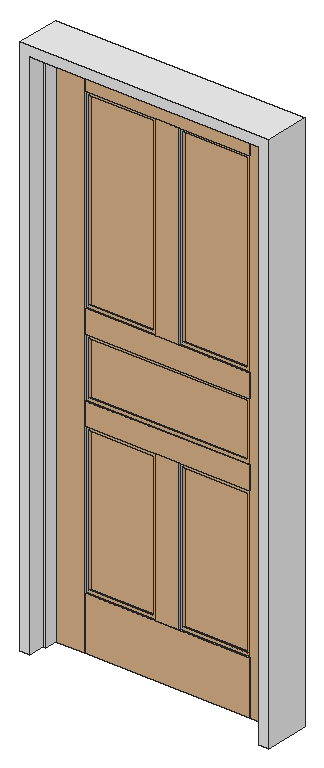
Revit family
Parameters (values of type "1 3/4" Flat Panel")
  URL = "http://www.karonadoor.com"
  Thickness Note = "Do not edit thickness."  # constant formula
  Thickness = 1.774"
  Swing Angle 2D = 90.00°
  SmartBIM Object Version = 1  # constant formula
  SmartBIM Object Created By = "Reed Construction Data"  # constant formula
  Rough Width = 0.000"
  Rough Height = 1.750"
  Panel = Panel_K5500_Karona : 1 3/4" - Flat Panel
  Model = "K5500 Mission"  # constant formula
  Manufacturer = "Karona , Inc."  # constant formula
  Detail Door Thickness = 1.750"
  Assembly Code = ""
  Top Rail Height = 5.000"
  Top Rail = Wood, Cherry - Grain Horizontal
  Stile Width = 5.063"
  Stile = Wood, Cherry - Grain Vertical
  Sticking = Wood, Cherry - Grain Vertical
  Middle Rail = Wood, Cherry - Grain Horizontal
  Height = 84.000"
  Wall Closure = (empty or 0)
  Width = 36.000"
  Frame = Metal
  Bottom Rail Height = 8.500"
  Bottom Rail = Wood, Cherry - Grain Horizontal
  95 CSI = "08210"  # constant formula
  04 CSI = "08 14 33"  # constant formula
Types (9): name | Thickness | Rough Height | Panel | Detail Door Thickness
  1 3/4" Flat Panel | 1.774" | 1.750" | Panel_K5500_Karona : 1 3/4" - Flat Panel | 1.750"
  1 3/8" Flat Panel | 1.334" | 0.000" | Panel_K5500_Karona : 1 3/8" - Flat Panel | 1.375"
  2 1/4" Flat Panel | 2.250" | 0.000" | Panel_K5500_Karona : 2 1/4" - Flat Panel | 2.250"
  1 3/4" Glass Panel | 1.774" | 1.750" | Panel_K5500_Karona : 1 3/4" - Glass Panel | 1.750"
  1 3/8" Glass Panel | 1.334" | 0.000" | Panel_K5500_Karona : 1 3/8" - Glass Panel | 1.375"
  2 1/4" Glass Panel | 2.250" | 0.000" | Panel_K5500_Karona : 2 1/4" - Glass | 2.250"
  1 3/4" Raised Panel | 1.774" | 1.750" | Panel_K5500_Karona : 1 3/4" - Raised Panel | 1.750"
  1 3/8" Raised Panel | 1.334" | 0.000" | Panel_K5500_Karona : 1 3/8" - Raised Panel | 1.375"
  2 1/4" Raised Panel | 2.250" | 0.000" | Panel_K5500_Karona : 2 1/4" - Raised Panel | 2.250"
Reference planes (in)
  plane 1 "Center (Front/Back)": y = 0
  plane 2 "Center (Left/Right)": x = 0
  plane 3 "Left": x = -18
  plane 4 "Right": x = 18
  plane 5 "Top": z = 84
  plane 6 "Exterior Edge of Frame": y = 3.5
  plane 7 "Interior Edge of Frame": y = -3.5
  plane 8: y = 1
  plane 9: y = -1
  plane 10 "Opening Left": x = -19.5
  plane 11 "Opening Right": x = 19.5
  plane 12 "Top of Opening": z = 85.5
  plane 13: x = -17.5
Forms (in)
  Sweep 1, solid, material "Metal" <- "Frame"
    path origin (0, 0, 0) x (1, 0, 0) y (0, 0, 1)
      loop
        line (-19.5, 0) -> (-19.5, 85.5) -> (19.5, 85.5) -> (19.5, 0)
    profile origin (-19.5, 0, 42.75) x (-1, 0, 0) y (0, -1, 0)
      loop
        line (0, -3.5) -> (0, 3.5) -> (-1.5, 3.5) -> (-1.5, 1) -> (-2, 1) -> (-2, -1) -> (-1.5, -1) -> (-1.5, -3.5) -> (0, -3.5)
Lines and regions (in)
  Opening 1
    outline origin (-90, -3, 0) x (1, 0, 0) y (0, 0, 1)
      loop
        line (70.5, 0) -> (109.5, 0) -> (109.5, 85.5) -> (70.5, 85.5) -> (70.5, 0)
  symbolic lines, style "Elevation Swing"
    curve 1: line (18, 3, 0) -> (-18, 3, 42)
    curve 2: line (-18, 3, 42) -> (18, 3, 84)
Text (in)
  text "Exterior" at (-46.13199, 20.20143, 0), in view "Ref. Level"
  text "Interior" at (-46.13199, -10.56751, 0), in view "Ref. Level"
  text "Exterior" at (0, 40.15149, 123.01588), in view "Right"
  text "Interior" at (0, -64.39139, 123.01588), in view "Right"
  text "Interior" at (0, -31.01599, 123.00693), in view "Left"
  text "Exterior" at (0, 54.57065, 123.00693), in view "Left"
Dimensions and locks (in)
  "Height": level to plane 5 "Top"
  "Width": plane 3 "Left" to plane 4 "Right"
  equal spacing: host wall, curve 2, plane 5 "Top"
  locked: host wall to plane 7 "Interior Edge of Frame" at 0.5
  locked: plane 6 "Exterior Edge of Frame" to host wall at 0.5
  locked: plane 9 to plane 7 "Interior Edge of Frame" at 2.5
  locked: plane 6 "Exterior Edge of Frame" to plane 8 at 2.5
  equal spacing: plane 3 "Left", plane 2 "Center (Left/Right)", plane 4 "Right"
  locked: plane 4 "Right" to plane 11 "Opening Right" at 1.5
  locked: plane 5 "Top" to plane 12 "Top of Opening" at 1.5
  locked: plane 3 "Left" to plane 13 at 0.5
  locked: plane 10 "Opening Left" to plane 3 "Left" at 1.5
  aligned and locked: Opening 1 sketch curve to level
  aligned and locked: plane 4 "Right" to curve 1
  aligned and locked: plane 3 "Left" to curve 1
  aligned and locked: plane 5 "Top" to curve 2
  aligned and locked: Opening 1 sketch curve to plane 11 "Opening Right"
  aligned and locked: plane 12 "Top of Opening" to Opening 1 sketch curve
  aligned and locked: Opening 1 sketch curve to plane 10 "Opening Left"
  aligned and locked: plane 10 "Opening Left" to Sweep 1 sketch curve
  aligned and locked: plane 12 "Top of Opening" to Sweep 1 sketch curve
  aligned and locked: plane 11 "Opening Right" to Sweep 1 sketch curve
  aligned and locked: level to Sweep 1 sketch curve  (x2)
  aligned and locked: Sweep 1 sketch curve to plane 10 "Opening Left"
  aligned and locked: Sweep 1 sketch curve to plane 6 "Exterior Edge of Frame"
  aligned and locked: Sweep 1 sketch curve to plane 7 "Interior Edge of Frame"
  aligned and locked: Sweep 1 sketch curve to plane 8
  aligned and locked: Sweep 1 sketch curve to plane 9
  aligned and locked: plane 13 to Sweep 1 sketch curve
  aligned and locked: plane 3 "Left" to Sweep 1 sketch curve  (x2)
  aligned and locked: nested 1 to plane 2 "Center (Left/Right)"
  aligned and locked: nested 1 to plane 8
  aligned and locked: nested 2 to plane 3 "Left"
  aligned and locked: nested 2 to plane 8
Automatic sketch dimensions
  curve 1 to level = 0.000"
  curve 2 to plane 4 "Right" = 0.000"
Nested families (in)
  nested 1: "Panel_K5500_Karona" at (-13.5, 0.6575, 0) x (-1, 0, 0) z (0, 0, 1), type <- "Panel", type "1 3/4" - Flat Panel"
    with Panel Height 30.500", Height 84.000"
  nested 2: "Door Panel Plan View" at (-31.5, 1, 0) x (-1, 0, 0) z (0, 0, 1), type "Door Panel Plan View"
    with Thickness 1.750", Height 84.000"
Definition of nested family "Panel_K5500_Karona"
  Parameters (values of type "1 3/4" - Raised Panel")
    Lock Rail Height = 35.500"
    Width = 36.000"
    Top Rail Material = Wood, Cherry - Grain Horizontal
    Top Rail Height = 5.000"
    Top Panel Offset = 16.542"
    Thickness Note = "Do not change door thickness"  # constant formula
    Thickness = 1.774"
    Stile Width = 5.063"
    Stile Material = Wood, Cherry - Grain Vertical
    Sticking Material = Wood, Cherry - Grain Vertical
    Panel Width = (Width - ((2 * Stile Width) + Mullion Width)) / 2  # 11.1245"
    Panel Height = Height - (Top Rail Height + Mullion Width + Middle Panel Height + Mullion Width + Bottom Panel Height + Bottom Rail Height)  # 30.500"
    Panel = Glass-Sticking-Assembly-Mission_Karona : Raised Panel
    Mullion Width = 3.625"  # constant formula
    Middle Panel Width = Width - (2 * Stile Width)  # 25.874"
    Middle Panel Height = 9.375"  # constant formula
    Interior Panel = Wood, Cherry - Grain Vertical
    Height = 84.000"
    Exterior Edge - Glass Bottom Offset = if(Thickness = 1.774", 0.567", if(Thickness = 2.250", 0.803", 0.469"))  # 0.567"
    Door Panel Material = Wood, Cherry - Grain Vertical
    Default Elevation = 0.000"  # constant formula
    Bottom Rail Material = Wood, Cherry - Grain Horizontal
    Bottom Rail Height = 15.000"
    Bottom Panel Height = Lock Rail Height - (Mullion Width + Bottom Rail Height)  # 16.875"
    Assembly Code = ""
  Types (9): name | Top Panel Offset | Thickness | Panel Height | Panel | Interior Panel | Height | Exterior Edge - Glass Bottom Offset | Bottom Rail Height | Bottom Panel Height
    2 1/4" - Flat Panel | 14.875" | 2.250" | 26.500" | Glass-Sticking-Assembly-Mission_Karona : Flat Panel | Wood, Cherry - Grain Vertical | 80.000" | 0.803" | 8.500" | 23.375"
    2 1/4" - Glass | 14.875" | 2.250" | 26.500" | Glass-Sticking-Assembly-Mission_Karona : Glass Panel | Glass | 80.000" | 0.803" | 8.500" | 23.375"
    2 1/4" - Raised Panel | 14.875" | 2.250" | 26.500" | Glass-Sticking-Assembly-Mission_Karona : Raised Panel | Wood, Cherry - Grain Vertical | 80.000" | 0.803" | 8.500" | 23.375"
    1 3/4" - Raised Panel | 16.542" | 1.774" | 30.500" | Glass-Sticking-Assembly-Mission_Karona : Raised Panel | Wood, Cherry - Grain Vertical | 84.000" | 0.567" | 15.000" | 16.875"
    1 3/4" - Flat Panel | 14.875" | 1.774" | 26.500" | Glass-Sticking-Assembly-Mission_Karona : Flat Panel | Wood, Cherry - Grain Vertical | 80.000" | 0.567" | 8.500" | 23.375"
    1 3/4" - Glass Panel | 14.875" | 1.774" | 26.500" | Glass-Sticking-Assembly-Mission_Karona : Glass Panel | Glass | 80.000" | 0.567" | 8.500" | 23.375"
    1 3/8" - Raised Panel | 14.875" | 1.334" | 26.500" | Glass-Sticking-Assembly-Mission_Karona : Raised Panel | Wood, Cherry - Grain Vertical | 80.000" | 0.469" | 8.500" | 23.375"
    1 3/8" - Glass Panel | 14.875" | 1.334" | 26.500" | Glass-Sticking-Assembly-Mission_Karona : Glass Panel | Glass | 80.000" | 0.469" | 8.500" | 23.375"
    1 3/8" - Flat Panel | 14.875" | 1.334" | 26.500" | Glass-Sticking-Assembly-Mission_Karona : Flat Panel | Wood, Cherry - Grain Horizontal | 80.000" | 0.469" | 8.500" | 23.375"
  Reference planes (in)
    plane 1 "Center (Front/Back)": y = 1.2295
    plane 2: z = 0
    plane 3 "Center (Left/Right)": x = -13.5
    plane 4 "Left": x = -31.5
    plane 5: x = 4.5
    plane 6 "Inner Left": x = -26.437
    plane 7 "Inner Right": x = -0.563
    plane 8 "Bottom Of Top Rail": z = 79
    plane 9 "Top": z = 84
    plane 10 "Interior Edge of Door": y = 2.1165
    plane 11: z = 79
    plane 12 "Exterior Edge of Door": y = 0.3425
    plane 13 "Bottom of Glass": y = 0.9095
    plane 14 "Left Panel Vertical Midline": x = -13.5
    plane 15: z = 48.5
    plane 16: z = 44.875
    plane 17: z = 35.5
    plane 18: z = 31.875
    plane 19: z = 15
    plane 20: z = 63.75
    plane 21: z = 23.4375
    plane 22: z = 40.1875
    plane 23: x = -20.87475
    plane 24: x = -6.12525
    plane 25: x = -15.3125
    plane 26: x = -11.6875
  Forms (in)
    Extrusion 1, solid, material "Wood, Cherry - Grain Horizontal" <- "Bottom Rail Material"
      sketch origin (0, -101.3125, 0) x (1, 0, 0) y (0, 0, 1)
        loop
          line (-26.437, 0) -> (-0.563, 0) -> (-0.563, 15) -> (-26.437, 15) -> (-26.437, 0)
      from -103.429 to -101.655
    Extrusion 2, solid, material "Wood, Cherry - Grain Vertical" <- "Stile Material"
      sketch origin (0, 1.2295, 0) x (1, 0, 0) y (0, 0, 1)
        loop
          line (-31.5, 84) -> (-31.5, 0) -> (-26.437, 0) -> (-26.437, 84) -> (-31.5, 84)
        loop
          line (-0.563, 0) -> (4.5, 0) -> (4.5, 84) -> (-0.563, 84) -> (-0.563, 0)
      from -0.887 to 0.887
    Extrusion 3, solid, material "Wood, Cherry - Grain Horizontal" <- "Top Rail Material"
      sketch origin (0, 1.2295, 0) x (1, 0, 0) y (0, 0, 1)
        loop
          line (-26.437, 84) -> (-26.437, 79) -> (-0.563, 79) -> (-0.563, 84) -> (-26.437, 84)
      from -0.887 to 0.887
    Extrusion 4, solid, material "Wood, Cherry - Grain Horizontal" <- "Top Rail Material"
      sketch origin (0, 1.2295, 0) x (1, 0, 0) y (0, 0, 1)
        loop
          line (-26.437, 31.875) -> (-0.563, 31.875) -> (-0.563, 35.5) -> (-26.437, 35.5) -> (-26.437, 31.875)
        loop
          line (-26.437, 48.5) -> (-26.437, 44.875) -> (-0.563, 44.875) -> (-0.563, 48.5) -> (-26.437, 48.5)
      from -0.887 to 0.887
    Extrusion 5, solid, material "Wood, Cherry - Grain Vertical" <- "Door Panel Material"
      sketch origin (0, 1.2295, 0) x (1, 0, 0) y (0, 0, 1)
        loop
          line (-15.3125, 79) -> (-15.3125, 48.5) -> (-11.6875, 48.5) -> (-11.6875, 79) -> (-15.3125, 79)
        loop
          line (-15.3125, 31.875) -> (-15.3125, 15) -> (-11.6875, 15) -> (-11.6875, 31.875) -> (-15.3125, 31.875)
      from -0.887 to 0.887
  Text (in)
    text "EXTERIOR" at (-34.59289, -1.27941, 0), in view "Ref. Level"
    text "EXTERIOR" at (0, -9.65287, 72.76687), in view "Left"
    text "EXTERIOR" at (0, -33.33473, 96.68074), in view "Right"
  Dimensions and locks (in)
    equal spacing: plane 4 "Left", plane 3 "Center (Left/Right)", plane 5
    "Width": plane 4 "Left" to plane 5
    "Stile Width": plane 4 "Left" to plane 6 "Inner Left"
    "Stile Width": plane 5 to plane 7 "Inner Right"
    "Top Rail Height": plane 9 "Top" to plane 8 "Bottom Of Top Rail"
    "Height": plane 9 "Top" to plane 2
    equal spacing: plane 10 "Interior Edge of Door", plane 1 "Center (Front/Back)", plane 12 "Exterior Edge of Door"
    "Thickness": plane 10 "Interior Edge of Door" to plane 12 "Exterior Edge of Door"
    "Exterior Edge - Glass Bottom Offset": plane 13 "Bottom of Glass" to plane 12 "Exterior Edge of Door"
    "Exterior Edge - Glass Bottom Offset": plane 12 "Exterior Edge of Door" to plane 13 "Bottom of Glass"
    "Mullion Width": plane 15 to plane 16
    "Bottom Rail Height": plane 19 to level
    "Panel Height": plane 11 to plane 15
    equal spacing: plane 11, plane 20, plane 15
    equal spacing: plane 18, plane 21, plane 19
    "Mullion Width": plane 17 to plane 18
    equal spacing: plane 16, plane 22, plane 17
    "Mullion Width": plane 26 to plane 25
    equal spacing: plane 25, plane 23, plane 6 "Inner Left"
    equal spacing: plane 26, plane 24, plane 7 "Inner Right"
    equal spacing: plane 25, plane 3 "Center (Left/Right)", plane 26
    "Lock Rail Height": plane 17 to level
    aligned and locked: Extrusion 1 to plane 2
    aligned and locked: plane 10 "Interior Edge of Door" to Extrusion 1
    aligned and locked: plane 4 "Left" to Extrusion 2 sketch curve
    aligned and locked: Extrusion 2 sketch curve to plane 9 "Top"
    aligned and locked: Extrusion 2 sketch curve to Extrusion 1  (x3)
    aligned and locked: Extrusion 1 to Extrusion 2 sketch curve
    aligned and locked: plane 9 "Top" to Extrusion 2 sketch curve
    aligned and locked: plane 5 to Extrusion 2 sketch curve
    aligned and locked: plane 10 "Interior Edge of Door" to Extrusion 2
    aligned and locked: Extrusion 2 to Extrusion 3 sketch curve
    aligned and locked: Extrusion 3 sketch curve to Extrusion 2
    aligned and locked: plane 10 "Interior Edge of Door" to Extrusion 3
    aligned and locked: plane 11 to plane 8 "Bottom Of Top Rail"
    aligned and locked: level to plane 2
    aligned and locked: Extrusion 3 to plane 12 "Exterior Edge of Door"
    aligned and locked: Extrusion 3 to plane 10 "Interior Edge of Door"
    aligned and locked: Extrusion 2 to plane 12 "Exterior Edge of Door"
    aligned and locked: Extrusion 3 to plane 11
    aligned and locked: Extrusion 1 to Extrusion 2
    aligned and locked: nested 1 to plane 1 "Center (Front/Back)"
    aligned and locked: nested 1 to plane 19
    aligned and locked: plane 20 to nested 2
    aligned and locked: plane 16 to nested 3
    aligned and locked: Extrusion 4 sketch curve to plane 18
    aligned and locked: Extrusion 4 sketch curve to plane 6 "Inner Left"  (x2)
    aligned and locked: Extrusion 4 sketch curve to plane 7 "Inner Right"  (x2)
    aligned and locked: Extrusion 4 sketch curve to plane 17
    aligned and locked: Extrusion 4 sketch curve to plane 15
    aligned and locked: Extrusion 4 sketch curve to plane 16
    aligned and locked: plane 10 "Interior Edge of Door" to Extrusion 4
    aligned and locked: Extrusion 4 to plane 12 "Exterior Edge of Door"
    aligned and locked: plane 23 to nested 2
    aligned and locked: plane 23 to nested 1
    aligned and locked: nested 5 to plane 20
    aligned and locked: nested 4 to plane 21
    aligned and locked: plane 24 to nested 5
    aligned and locked: plane 24 to nested 4
    aligned and locked: plane 1 "Center (Front/Back)" to nested 4
    aligned and locked: plane 1 "Center (Front/Back)" to nested 5
    aligned and locked: Extrusion 5 sketch curve to plane 25  (x2)
    aligned and locked: plane 26 to Extrusion 5 sketch curve  (x2)
    aligned and locked: Extrusion 5 sketch curve to plane 15
    aligned and locked: Extrusion 5 sketch curve to plane 11
    aligned and locked: Extrusion 5 sketch curve to plane 18
    aligned and locked: Extrusion 5 sketch curve to plane 19
    aligned and locked: plane 10 "Interior Edge of Door" to Extrusion 5
    aligned and locked: Extrusion 5 to plane 12 "Exterior Edge of Door"
    aligned and locked: plane 19 to Extrusion 1
  Automatic sketch dimensions
    Extrusion 1 sketch curve to plane 6 "Inner Left" = 0.000"
    Extrusion 1 sketch curve to plane 7 "Inner Right" = 0.000"
    Extrusion 1 sketch curve to level = 0.000"
    Extrusion 3 sketch curve to plane 7 "Inner Right" = 0.000"
    plane 8 "Bottom Of Top Rail" to Extrusion 3 sketch curve = 0.000"
    level to Extrusion 1 sketch curve = 15.000"
  Nested families (in)
    nested 1: "Glass-Sticking-Assembly-Mission_Karona" at (-21.3435, 1.38, 15), Width <- "Panel Width", Height <- "Bottom Panel Height", type <- "Panel", type "Raised Panel"
      with Width 11.1245", Height 16.875", Door Thickness 1.774", C 0.200", B 0.567", A 0.197"
    nested 2: "Glass-Sticking-Assembly-Mission_Karona" at (-21.3435, 1.382, 48.5), Width <- "Panel Width", Height <- "Panel Height", type <- "Panel", type "Raised Panel"
      with Width 11.1245", Height 30.500", Door Thickness 1.774", C 0.200", B 0.567", A 0.197"
    nested 3: "Glass-Sticking-Assembly-Mission_Karona" at (-13.96875, 1.38, 35.5), Width <- "Middle Panel Width", Height <- "Middle Panel Height", type <- "Panel", type "Raised Panel"
      with Width 25.874", Height 9.375", Door Thickness 1.774", C 0.200", B 0.567", A 0.197"
    nested 4: "Glass-Sticking-Assembly-Mission_Karona" at (-5.6565, 1.38, 15) x (-1, 0, 0) z (0, 0, 1), Width <- "Panel Width", Height <- "Bottom Panel Height", type <- "Panel", type "Raised Panel"
      with Width 11.1245", Height 16.875", Door Thickness 1.774", C 0.200", B 0.567", A 0.197"
    nested 5: "Glass-Sticking-Assembly-Mission_Karona" at (-5.6565, 1.38, 48.5) x (-1, 0, 0) z (0, 0, 1), Width <- "Panel Width", Height <- "Panel Height", type <- "Panel", type "Raised Panel"
      with Width 11.1245", Height 30.500", Door Thickness 1.774", C 0.200", B 0.567", A 0.197"
  Definition of nested family "Glass-Sticking-Assembly-Mission_Karona"
    Parameters (values of type "Glass Panel")
      Width [instance] = 19.000"
      Stop Adjustment = if(and(not(Glass Panel), Door Thickness = 1.774"), 0.513", if(and(not(Glass Panel), Door Thickness = 2.250"), 0.513", if((Glass Panel), 0.125", 0.273")))  # 0.125"
      Profile = Wood, Cherry - Grain Vertical
      Height [instance] = 23.000"
      Raised Panel = no
      Interior Panel = Wood, Cherry - Grain Vertical
      Glass Panel = yes
      Door Thickness = 2.250"
      C = if(Door Thickness = 1.774", 0.200", if(Door Thickness = 2.250", 0.439", 0.191"))  # 0.439"
      B = if(Door Thickness = 1.774", 0.567", if(Door Thickness = 2.250", 0.803", 0.469"))  # 0.803"
      Assembly Code = ""
      A = if(Door Thickness = 1.774", 0.197", if(Door Thickness = 2.250", 0.433", 0.194"))  # 0.433"
    Types (3): name | Width | Stop Adjustment | Height | Raised Panel | Glass Panel | Door Thickness | C | B | A
      Glass Panel | 19.000" | 0.125" | 23.000" | no | yes | 2.250" | 0.439" | 0.803" | 0.433"
      Flat Panel | 4.500" | 0.273" | 23.000" | no | no | 1.334" | 0.191" | 0.469" | 0.194"
      Raised Panel | 4.000" | 0.513" | 4.000" | yes | no | 2.250" | 0.439" | 0.803" | 0.433"
    Reference planes (in)
      plane 1 "Stop Adjustment Edge": y = -0.3455
      plane 2: z = 0
      plane 3 "Center (Left/Right)": x = 0.46875
      plane 4 "Back": y = 0.9765
      plane 5 "Front": y = -1.2735
      plane 6 "Left": x = -9.03125
      plane 7 "Right": x = 9.96875
      plane 8 "Top": z = 23
      plane 9 "Center (Up/Down)": z = 11.5
      plane 10 "Bottom of Stop": y = -0.2205
      plane 11 "Bottom of Glass": y = -0.4705
      plane 12 "Right Edge of Glass": x = 9.91875
      plane 13 "Left Edge of Glass": x = -8.98125
      plane 14 "Top Edge of Glass": z = 22.90625
      plane 15 "Bottom Edge of Glass": z = 0.09375
      plane 16: x = 9.84375
      plane 17: x = 9.40625
      plane 18 "A": y = -0.8405
      plane 19 "C": y = 0.5375
      plane 20: z = 0.438
      plane 21: z = 22.562
      plane 22: x = -8.59325
      plane 23: x = 9.53075
      plane 24 "Center (Front/Back)": y = -0.1485
    Forms (in)
      Sweep 1, solid, material "Wood, Cherry - Grain Vertical" <- "Profile"
        path origin (0, -0.3455, 0) x (1, 0, 0) y (0, 0, 1)
          loop
            line (9.96875, 23) -> (-9.03125, 23) -> (-9.03125, 0) -> (9.96875, 0) -> (9.96875, 23)
        profile origin (9.96875, -0.3455, 11.5) x (0, -1, 0) y (1, 0, 0)
          loop
            line (-0.883, 0) -> (-0.883, -0.438) -> (-0.125, -0.438) -> (-0.125, -0.05) -> (0.125, -0.05) -> (0.125, -0.438) -> (0.495, -0.438) -> (0.495, 0) -> (-0.883, 0)
      Extrusion 2, solid, material "Wood, Cherry - Grain Vertical" <- "Interior Panel"
        sketch origin (0, 0, 0) x (1, 0, 0) y (0, 1, 0)
          loop
            line (-8.98125, -0.2205) -> (-8.98125, -0.4705) -> (9.91875, -0.4705) -> (9.91875, -0.2205) -> (-8.98125, -0.2205)
        from 0.09375 to 22.90625
      Extrusion 3, solid, material "Wood, Cherry - Grain Vertical" <- "Profile", visible <- "Raised Panel"
        sketch origin (0, 0, 0) x (1, 0, 0) y (0, 1, 0)
          loop
            line (9.53075, 0.5375) -> (-8.59325, 0.5375) -> (-8.59325, -0.2205) -> (9.53075, -0.2205) -> (9.53075, 0.5375)
          loop
            line (-8.59325, -0.4705) -> (-8.59325, -0.8405) -> (9.53075, -0.8405) -> (9.53075, -0.4705) -> (-8.59325, -0.4705)
        from 0.438 to 22.562
      Sweep 4, void
        path origin (0, -0.2205, 0) x (-1, 0, 0) y (0, 0, 1)
          loop
            line (9.03125, 0) -> (9.03125, 23) -> (-9.96875, 23) -> (-9.96875, 0) -> (9.03125, 0)
        profile "Profile : 05" origin (-9.03125, -0.2205, 11.5) x (1, 0, 0) y (0, 1, 0)
          loop
            line (0, 0.05) -> (0.36169, 0.05096)
            arc (0.36169, 0.05096) -> (1.01257, 0.13642) -> (1.61934, 0.387) r 2.52143
            line (1.61934, 0.387) -> (0, 0.387) -> (0, 0.05)
      Sweep 5, void
        path origin (0, -0.4705, 0) x (-1, 0, 0) y (0, 0, 1)
          loop
            line (-9.96875, 23) -> (-9.96875, 0) -> (9.03125, 0) -> (9.03125, 23) -> (-9.96875, 23)
        profile "Profile : 05" origin (9.96875, -0.4705, 11.5) x (-1, 0, 0) y (0, 1, 0)
          loop
            line (0, -0.05) -> (0, -0.387) -> (1.61934, -0.387)
            arc (1.61934, -0.387) -> (1.01257, -0.13642) -> (0.36169, -0.05096) r 2.52143
            line (0.36169, -0.05096) -> (0, -0.05)
    Cuts and joins
      Sweep 4, Sweep 5 cuts Extrusion 3
    Text (in)
      text "INTERIOR" at (-14.3788, 3.49864, 0), in view "Ref. Level"
    Dimensions and locks (in)
      equal spacing: plane 6 "Left", plane 3 "Center (Left/Right)", plane 7 "Right"
      "Width": plane 6 "Left" to plane 7 "Right"
      "Door Thickness": plane 4 "Back" to plane 5 "Front"
      "Height": plane 8 "Top" to plane 2
      equal spacing: plane 8 "Top", plane 9 "Center (Up/Down)", level
      locked: plane 1 "Stop Adjustment Edge" to plane 11 "Bottom of Glass" at 0.125
      "Stop Adjustment": plane 10 "Bottom of Stop" to plane 1 "Stop Adjustment Edge"
      locked: plane 12 "Right Edge of Glass" to plane 7 "Right" at 0.05
      locked: plane 8 "Top" to plane 14 "Top Edge of Glass" at 0.09375
      locked: plane 15 "Bottom Edge of Glass" to level at 0.09375
      locked: plane 6 "Left" to plane 13 "Left Edge of Glass" at 0.05
      "B": plane 5 "Front" to plane 11 "Bottom of Glass"
      locked: plane 16 to plane 7 "Right" at 0.125
      "A": plane 5 "Front" to plane 18 "A"
      "C": plane 19 "C" to plane 4 "Back"
      plane 4 "Back" to Sweep 1 = 1.197"
      locked: plane 20 to level at 0.438
      locked: plane 8 "Top" to plane 21 at 0.438
      locked: plane 6 "Left" to plane 22 at 0.438
      locked: plane 23 to plane 7 "Right" at 0.438
      equal spacing: plane 4 "Back", plane 24 "Center (Front/Back)", plane 5 "Front"
      aligned and locked: Sweep 1 sketch curve to plane 7 "Right"
      aligned and locked: Sweep 1 sketch curve to plane 8 "Top"
      aligned and locked: Sweep 1 sketch curve to plane 6 "Left"
      aligned and locked: Sweep 1 sketch curve to level
      aligned and locked: plane 7 "Right" to Sweep 1 sketch curve
      aligned and locked: plane 10 "Bottom of Stop" to Sweep 1 sketch curve
      aligned and locked: plane 11 "Bottom of Glass" to Sweep 1 sketch curve
      aligned and locked: plane 18 "A" to Sweep 1 sketch curve
      aligned and locked: Sweep 1 sketch curve to plane 19 "C"
      aligned and locked: Extrusion 2 sketch curve to plane 13 "Left Edge of Glass"
      aligned and locked: Extrusion 2 sketch curve to plane 10 "Bottom of Stop"
      aligned and locked: Extrusion 2 sketch curve to plane 11 "Bottom of Glass"
      aligned and locked: Extrusion 2 sketch curve to plane 12 "Right Edge of Glass"
      aligned and locked: plane 14 "Top Edge of Glass" to Extrusion 2
      aligned and locked: Extrusion 2 to plane 15 "Bottom Edge of Glass"
      aligned and locked: Extrusion 3 sketch curve to plane 19 "C"
      aligned and locked: Extrusion 3 sketch curve to plane 10 "Bottom of Stop"
      aligned and locked: Extrusion 3 sketch curve to plane 11 "Bottom of Glass"
      aligned and locked: Extrusion 3 sketch curve to plane 18 "A"
      aligned and locked: Extrusion 3 to plane 20
      aligned and locked: Extrusion 3 to plane 21
      aligned and locked: plane 12 "Right Edge of Glass" to Sweep 1 sketch curve
      aligned and locked: plane 23 to Extrusion 3 sketch curve  (x2)
      aligned and locked: Extrusion 3 sketch curve to plane 22  (x2)
      aligned and locked: plane 23 to Sweep 1 sketch curve  (x2)
      aligned and locked: Sweep 5 sketch curve to plane 6 "Left"
      aligned and locked: plane 8 "Top" to Sweep 5 sketch curve
      aligned and locked: Sweep 5 sketch curve to plane 7 "Right"
      aligned and locked: level to Sweep 5 sketch curve
      aligned and locked: Sweep 4 sketch curve to plane 7 "Right"
      aligned and locked: plane 8 "Top" to Sweep 4 sketch curve
      aligned and locked: Sweep 4 sketch curve to plane 6 "Left"
      aligned and locked: level to Sweep 4 sketch curve
Definition of nested family "Door Panel Plan View"
  Parameters (values of type "Door Panel Plan View")
    Width = 36.000"
    Thickness = 2.000"
    Swing Angle 2D = 90.00°
    Height = 0.000"
    Assembly Code = ""
  Reference planes (in)
    plane 1 "Center (Front/Back)": y = 0
    plane 2: z = 0
    plane 3 "Center (Left/Right)": x = -13.5
  Lines and regions (in)
    symbolic lines, style "DoorsPanelProjection"
      curve 1: line (-13.5, 0, 0) -> (-13.5, 36, 0)
      curve 2: line (-15.5, 0, 0) -> (-15.5, 36, 0)
      curve 3: line (-13.5, 0, 0) -> (-15.5, 0, 0)
      curve 4: line (-13.5, 36, 0) -> (-15.5, 36, 0)
    symbolic lines, style "Plan Swing"
      curve 5: arc (-13.5, 36, 0) -> (-38.95584, 25.45584, 0) -> (-49.5, 0, 0) r 36
  Dimensions and locks (in)
    "Width": curve 4 to curve 3
    "Thickness": curve 1 to curve 2
    "Swing Angle 2D": angle curve 1 to plane 1 "Center (Front/Back)"
    aligned and locked: plane 1 "Center (Front/Back)" to curve 5
  Automatic sketch dimensions
    curve 3 to plane 1 "Center (Front/Back)" = 0.000"
    curve 5 to plane 3 "Center (Left/Right)" = 0.000"
    curve 3 to plane 3 "Center (Left/Right)" = 0.000"
